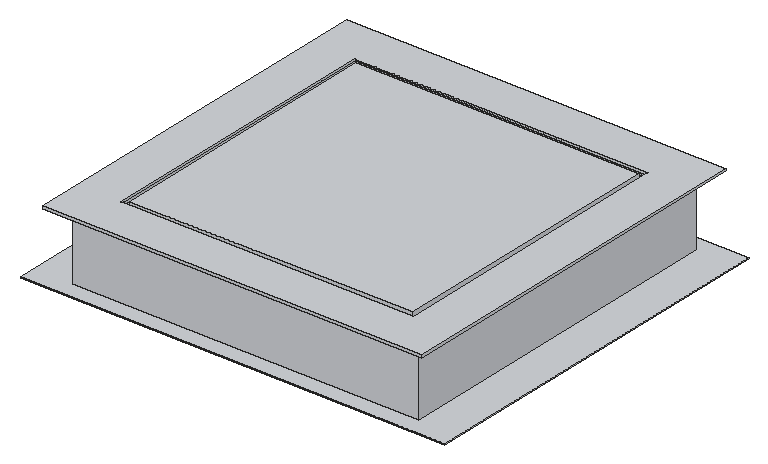
Revit family "Unterflurdose UZD250-3_70-125 mm", category Generic Models, Revit 2015
Parameters (values of type "UZD 250-3")
  Width = 200 mm
  URL = "http://www.obo-bettermann.com"
  Size "a" = 262 mm
  Material = Steel, Galvanized
  Manufacturer Art. No. = "7410030"
  Manufacturer = "OBO Bettermann"
  HeightCalc = if(Height < 70 mm, 70 mm, (if(Height > 125 mm, 125 mm, Height)))  # 70 mm
  Height = 70 mm
  GTIN = "4012195430964"
  Article Type = "UZD 250-3"
  "B" Dimension = 410 mm
  "A" Dimension = 367 mm
Reference planes
  plane 1 "Center (Front/Back)": y = 0
  plane 2: z = 0
  plane 3 "Center (Left/Right)": x = 0
  plane 4: z = 1
  plane 5: x = -205
  plane 6: y = -183.5
  plane 7: x = 205
  plane 8: y = 183.5
  plane 9: y = -167
  plane 10: x = 167
  plane 11: y = 167
  plane 12: x = -167
  plane 13: z = 68
  plane 14: z = 70
  plane 15: x = -183.5
  plane 16: x = 183.5
  plane 17: y = 141.5
  plane 18: x = 141.5
  plane 19: x = -141.5
  plane 20: y = -141.5
  plane 21: z = 66
  plane 22: y = 131
  plane 23: y = -131
  plane 24: x = 131
  plane 25: x = -131
  plane 26: y = -136.5
  plane 27: x = 136.5
  plane 28: y = 136.5
  plane 29: x = -136.5
Forms (mm)
  Extrusion 1, solid
    sketch origin (0, 0, 0) x (1, 0, 0) y (0, 1, 0)
      loop
        line (205, 183.5) -> (-205, 183.5) -> (-205, -183.5) -> (205, -183.5) -> (205, 183.5)
    from 0 to 1
  Extrusion 2, solid
    sketch origin (0, 0, 0) x (1, 0, 0) y (0, 1, 0)
      loop
        line (-167, 167) -> (-167, -167) -> (167, -167) -> (167, 167) -> (-167, 167)
    from 1 to 68
  Extrusion 3, solid
    sketch origin (0, 0, 0) x (1, 0, 0) y (0, 1, 0)
      loop
        line (-183.5, 183.5) -> (-183.5, -183.5) -> (183.5, -183.5) -> (183.5, 183.5) -> (-183.5, 183.5)
    from 68 to 70
  Extrusion 4, void
    sketch origin (0, 0, 0) x (1, 0, 0) y (0, 1, 0)
      loop
        line (-141.5, 141.5) -> (-141.5, -141.5) -> (141.5, -141.5) -> (141.5, 141.5) -> (-141.5, 141.5)
    from 66 to 70
  Extrusion 5, void
    sketch origin (0, 0, 0) x (1, 0, 0) y (0, 1, 0)
      loop
        line (-131, 131) -> (-131, -131) -> (131, -131) -> (131, 131) -> (-131, 131)
    from 1 to 66
  Extrusion 6, solid
    sketch origin (0, 0, 0) x (1, 0, 0) y (0, 1, 0)
      loop
        line (-136.5, 136.5) -> (-136.5, -136.5) -> (136.5, -136.5) -> (136.5, 136.5) -> (-136.5, 136.5)
    from 66 to 70
Cuts and joins
  Extrusion 4, Extrusion 5 cuts Extrusion 1
  Extrusion 4, Extrusion 5 cuts Extrusion 2
  Extrusion 4 cuts Extrusion 3
Lines and regions (mm)
  model lines
    curve 1: line (205, 183.5, 0) -> (-205, 183.5, 0)
    curve 2: line (205, 183.5, 0) -> (205, -183.5, 0)
    curve 3: line (205, -183.5, 0) -> (-205, -183.5, 0)
    curve 4: line (-205, -183.5, 0) -> (-205, 183.5, 0)
    curve 5: line (-167, 167, 0) -> (167, 167, 0)
    curve 6: line (167, 167, 0) -> (167, -167, 0)
    curve 7: line (167, -167, 0) -> (-167, -167, 0)
    curve 8: line (-167, -167, 0) -> (-167, 167, 0)
    curve 9: line (-183.5, 183.5, 0) -> (-183.5, -183.5, 0)
    curve 10: line (183.5, -183.5, 0) -> (183.5, 183.5, 0)
    curve 11: line (-141.5, 141.5, 0) -> (141.5, 141.5, 0)
    curve 12: line (141.5, 141.5, 0) -> (141.5, -141.5, 0)
    curve 13: line (141.5, -141.5, 0) -> (-141.5, -141.5, 0)
    curve 14: line (-141.5, -141.5, 0) -> (-141.5, 141.5, 0)
    curve 15: line (-131, 131, 0) -> (131, 131, 0)
    curve 16: line (131, 131, 0) -> (131, -131, 0)
    curve 17: line (131, -131, 0) -> (-131, -131, 0)
    curve 18: line (-131, -131, 0) -> (-131, 131, 0)
    curve 19: line (-136.5, 136.5, 0) -> (136.5, 136.5, 0)
    curve 20: line (136.5, 136.5, 0) -> (136.5, -136.5, 0)
    curve 21: line (136.5, -136.5, 0) -> (-136.5, -136.5, 0)
    curve 22: line (-136.5, -136.5, 0) -> (-136.5, 136.5, 0)
Dimensions and locks
  locked: level to plane 4 at 1
  equal spacing: plane 6, plane 1 "Center (Front/Back)", plane 8
  ""A" Dimension": plane 6 to plane 8
  equal spacing: plane 5, plane 3 "Center (Left/Right)", plane 7
  ""B" Dimension": plane 5 to plane 7
  equal spacing: plane 12, plane 3 "Center (Left/Right)", plane 10
  locked: plane 9 to plane 11 at 334
  equal spacing: plane 9, plane 1 "Center (Front/Back)", plane 11
  locked: plane 12 to plane 10 at 334
  locked: plane 13 to plane 14 at 2
  equal spacing: plane 15, plane 3 "Center (Left/Right)", plane 16
  locked: plane 15 to plane 16 at 367
  equal spacing: plane 19, plane 3 "Center (Left/Right)", plane 18
  locked: plane 19 to plane 18 at 283
  equal spacing: plane 17, plane 1 "Center (Front/Back)", plane 20
  locked: plane 17 to plane 20 at 283
  "HeightCalc": level to plane 14
  locked: plane 21 to plane 14 at 4
  equal spacing: plane 25, plane 3 "Center (Left/Right)", plane 24
  "Size "a"": plane 25 to plane 24
  equal spacing: plane 22, plane 1 "Center (Front/Back)", plane 23
  "Size "a"": plane 22 to plane 23
  equal spacing: plane 29, plane 3 "Center (Left/Right)", plane 27
  locked: plane 29 to plane 27 at 273
  equal spacing: plane 28, plane 1 "Center (Front/Back)", plane 26
  locked: plane 28 to plane 26 at 273
  aligned and locked: level to plane 2
  aligned and locked: plane 7 to curve 2
  aligned and locked: plane 5 to curve 4
  aligned and locked: Extrusion 1 sketch curve to curve 1
  aligned and locked: Extrusion 1 sketch curve to curve 2
  aligned and locked: Extrusion 1 sketch curve to curve 3
  aligned and locked: Extrusion 1 sketch curve to curve 4
  aligned and locked: plane 4 to Extrusion 1
  aligned and locked: plane 11 to curve 5
  aligned and locked: curve 6 to plane 10
  aligned and locked: plane 9 to curve 7
  aligned and locked: curve 8 to plane 12
  aligned and locked: Extrusion 2 sketch curve to curve 5
  aligned and locked: Extrusion 2 sketch curve to curve 6
  aligned and locked: Extrusion 2 sketch curve to curve 7
  aligned and locked: Extrusion 2 sketch curve to curve 8
  aligned and locked: plane 13 to Extrusion 2
  aligned and locked: Extrusion 2 to plane 4
  aligned and locked: curve 9 to plane 15
  aligned and locked: plane 16 to curve 10
  aligned and locked: Extrusion 3 sketch curve to curve 9
  aligned and locked: Extrusion 3 sketch curve to curve 10
  aligned and locked: plane 6 to Extrusion 3 sketch curve
  aligned and locked: Extrusion 3 sketch curve to plane 8
  aligned and locked: Extrusion 3 to plane 13
  aligned and locked: plane 14 to Extrusion 3
  aligned and locked: curve 11 to plane 17
  aligned and locked: curve 12 to plane 18
  aligned and locked: plane 20 to curve 13
  aligned and locked: plane 19 to curve 14
  aligned and locked: Extrusion 1 to level
  aligned and locked: Extrusion 4 sketch curve to curve 11
  aligned and locked: Extrusion 4 sketch curve to curve 12
  aligned and locked: Extrusion 4 sketch curve to curve 13
  aligned and locked: Extrusion 4 sketch curve to curve 14
  aligned and locked: plane 14 to Extrusion 4
  aligned and locked: Extrusion 4 to plane 21
  aligned and locked: curve 15 to plane 22
  aligned and locked: curve 16 to plane 24
  aligned and locked: plane 23 to curve 17
  aligned and locked: plane 25 to curve 18
  aligned and locked: Extrusion 5 sketch curve to curve 15
  aligned and locked: Extrusion 5 sketch curve to curve 18
  aligned and locked: Extrusion 5 sketch curve to curve 17
  aligned and locked: Extrusion 5 sketch curve to curve 16
  aligned and locked: plane 21 to Extrusion 5
  aligned and locked: Extrusion 5 to plane 4
  aligned and locked: curve 19 to plane 28
  aligned and locked: curve 20 to plane 27
  aligned and locked: curve 21 to plane 26
  aligned and locked: curve 22 to plane 29
  aligned and locked: Extrusion 6 sketch curve to curve 19
  aligned and locked: Extrusion 6 sketch curve to curve 22
  aligned and locked: Extrusion 6 sketch curve to curve 21
  aligned and locked: Extrusion 6 sketch curve to curve 20
  aligned and locked: Extrusion 6 to plane 21
  aligned and locked: plane 14 to Extrusion 6
Automatic sketch dimensions
  curve 10 to plane 6 = 0 mm
  plane 8 to curve 9 = 0 mm
